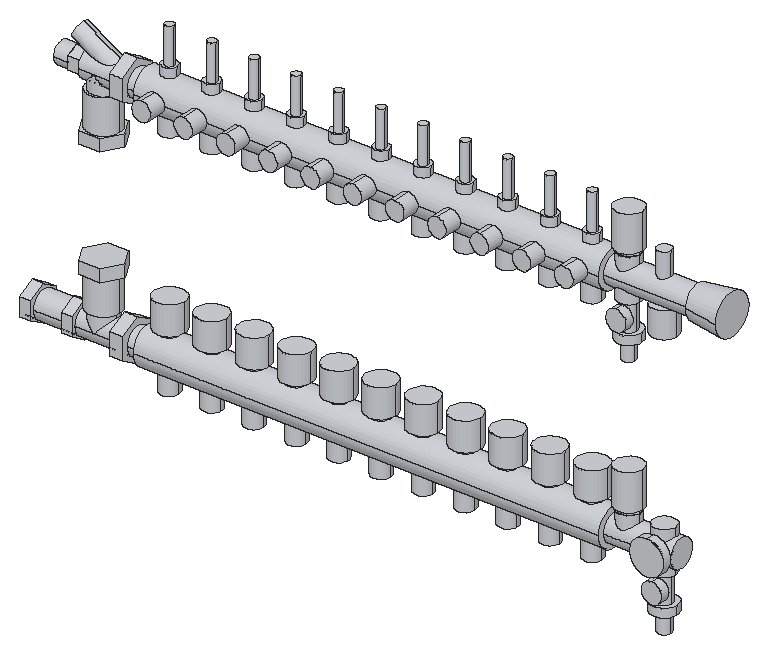
Revit family "318_1dab38ccfa9a4ba2b3cf6a35155c11", category Pipe Accessories, Revit 2017
Family settings
  Round Connector Dimension = Use Diameter
  Part Type = Valve - Normal
  Work Plane-Based = No
  Always vertical = Yes
  Cut with Voids When Loaded = No
  Shared = No
Parameters (values of type "R557FY011")
  magi_piping_qv_2_9 [instance] = 0.0 L/s
  magi_piping_qv_2_8 [instance] = 0.0 L/s
  magi_piping_qv_2_7 [instance] = 0.0 L/s
  magi_piping_qv_2_6 [instance] = 0.0 L/s
  magi_piping_qv_2_5 [instance] = 0.0 L/s
  magi_piping_qv_2_4 [instance] = 0.0 L/s
  magi_piping_qv_2_3 [instance] = 0.0 L/s
  magi_piping_qv_2_2 [instance] = 0.0 L/s
  magi_piping_qv_2_11 [instance] = 0.0 L/s
  magi_piping_qv_2_10 [instance] = 0.0 L/s
  magi_piping_qv_2_1 [instance] = 0.0 L/s
  magi_piping_qv_1_9 [instance] = 0.0 L/s
  magi_piping_qv_1_8 [instance] = 0.0 L/s
  magi_piping_qv_1_7 [instance] = 0.0 L/s
  magi_piping_qv_1_6 [instance] = 0.0 L/s
  magi_piping_qv_1_5 [instance] = 0.0 L/s
  magi_piping_qv_1_4 [instance] = 0.0 L/s
  magi_piping_qv_1_3 [instance] = 0.0 L/s
  magi_piping_qv_1_2 [instance] = 0.0 L/s
  magi_piping_qv_1_11 [instance] = 0.0 L/s
  magi_piping_qv_1_10 [instance] = 0.0 L/s
  magi_piping_qv_1_1 [instance] = 0.0 L/s
  magi_piping_qv [instance] = 0.0 L/s
  magi_piping_power_9 [instance] = 0 W
  magi_piping_power_8 [instance] = 0 W
  magi_piping_power_7 [instance] = 0 W
  magi_piping_power_6 [instance] = 0 W
  magi_piping_power_5 [instance] = 0 W
  magi_piping_power_4 [instance] = 0 W
  magi_piping_power_3 [instance] = 0 W
  magi_piping_power_2 [instance] = 0 W
  magi_piping_power_11 [instance] = 0 W
  magi_piping_power_10 [instance] = 0 W
  magi_piping_power_1 [instance] = 0 W
  magi_piping_kv_9 [instance] = 0
  magi_piping_kv_8 [instance] = 0
  magi_piping_kv_7 [instance] = 0
  magi_piping_kv_6 [instance] = 0
  magi_piping_kv_5 [instance] = 0
  magi_piping_kv_4 [instance] = 0
  magi_piping_kv_3 [instance] = 0
  magi_piping_kv_2 [instance] = 0
  magi_piping_kv_11 [instance] = 0
  magi_piping_kv_10 [instance] = 0
  magi_piping_kv_1 [instance] = 0
  magi_piping_dpTot_9 [instance] = 0.0 Pa
  magi_piping_dpTot_8 [instance] = 0.0 Pa
  magi_piping_dpTot_7 [instance] = 0.0 Pa
  magi_piping_dpTot_6 [instance] = 0.0 Pa
  magi_piping_dpTot_5 [instance] = 0.0 Pa
  magi_piping_dpTot_4 [instance] = 0.0 Pa
  magi_piping_dpTot_3 [instance] = 0.0 Pa
  magi_piping_dpTot_2 [instance] = 0.0 Pa
  magi_piping_dpTot_11 [instance] = 0.0 Pa
  magi_piping_dpTot_10 [instance] = 0.0 Pa
  magi_piping_dpTot_1 [instance] = 0.0 Pa
  magi_adjustmentValue_9 [instance] = ""
  magi_adjustmentValue_8 [instance] = ""
  magi_adjustmentValue_7 [instance] = ""
  magi_adjustmentValue_6 [instance] = ""
  magi_adjustmentValue_5 [instance] = ""
  magi_adjustmentValue_4 [instance] = ""
  magi_adjustmentValue_3 [instance] = ""
  magi_adjustmentValue_2 [instance] = ""
  magi_adjustmentValue_11 [instance] = ""
  magi_adjustmentValue_10 [instance] = ""
  magi_adjustmentValue_1 [instance] = ""
  magiProductId = "1dab38ccfa9a4ba2b3cf6a35155c11"
  magiProductFamilyId = "1dab38ccfa9a4ba2b3cf6a35155c11"
  magiProductCode = "R557FY011"
  magiPartTypeId = 318
  X1 = 127 mm
  VersionID = "2.0/2016.10.37.0/GIACOMINI_R557FY_001"
  VL2__ve = -VL2  # -137 mm
  VL2 = 137 mm
  VL1 = 102 mm
  URL = "http://www.giacomini.com/en"
  SMP = 25 mm
  SBP9 = 18 mm
  SBP8 = 18 mm
  SBP7 = 18 mm
  SBP6 = 18 mm
  SBP5 = 18 mm
  SBP4 = 18 mm
  SBP3 = 18 mm
  SBP2 = 18 mm
  SBP12 = 18 mm
  SBP11 = 18 mm
  SBP10 = 18 mm
  SBP1 = 18 mm
  RMP = 25 mm
  RBP9 = 18 mm
  RBP8 = 18 mm
  RBP7 = 18 mm
  RBP6 = 18 mm
  RBP5 = 18 mm
  RBP4 = 18 mm
  RBP3 = 18 mm
  RBP2 = 18 mm
  RBP12 = 18 mm
  RBP11 = 18 mm
  RBP10 = 18 mm
  RBP1 = 18 mm
  R2 = 22 mm
  QmdConnectorList = "321;SMP;322;SBP1;323;SBP2;324;SBP3;325;SBP4;326;SBP5;327;SBP6;328;SBP7;329;SBP8;330;SBP9;331;SBP10;332;SBP11;351;RMP;352;RBP1;353;RBP2;354;RBP3;355;RBP4;356;RBP5;357;RBP6;358;RBP7;359;RBP8;360;RBP9;361;RBP10;362;RBP11"
  Productdata [instance] = "© Progman Oy, all rights reserved"
  N9 = yes
  N8 = yes
  N7 = yes
  N6 = yes
  N5 = yes
  N4 = yes
  N3 = yes
  N12 = no
  N11 = yes
  N10 = yes
  Manufacturer = "Giacomini"
  MC_Default_elevation = 0 mm
  L = 550 mm
  I = 50 mm
  H5 = 33 mm
  H4 = 5 mm
  H3__ve = -H3  # -40 mm
  H3 = 40 mm
  H2__ve = -H2  # -20 mm
  H2 = 20 mm
  H12 = 42 mm
  H11 = 10 mm
  Flow supply main [instance] = Flow supply 1 + Flow supply 2 + Flow supply 3 + Flow supply 4 + Flow supply 5 + Flow supply 6 + Flow supply 7 + Flow supply 8 + Flow supply 9 + Flow supply 10 + Flow supply 11  # 0.0 L/s
  Flow supply 9 [instance] = 0.0 L/s
  Flow supply 8 [instance] = 0.0 L/s
  Flow supply 7 [instance] = 0.0 L/s
  Flow supply 6 [instance] = 0.0 L/s
  Flow supply 5 [instance] = 0.0 L/s
  Flow supply 4 [instance] = 0.0 L/s
  Flow supply 3 [instance] = 0.0 L/s
  Flow supply 2 [instance] = 0.0 L/s
  Flow supply 11 [instance] = 0.0 L/s
  Flow supply 10 [instance] = 0.0 L/s
  Flow supply 1 [instance] = 0.0 L/s
  Flow return main [instance] = Flow return 1 + Flow return 2 + Flow return 3 + Flow return 4 + Flow return 5 + Flow return 6 + Flow return 7 + Flow return 8 + Flow return 9 + Flow return 10 + Flow return 11  # 0.0 L/s
  Flow return 9 [instance] = 0.0 L/s
  Flow return 8 [instance] = 0.0 L/s
  Flow return 7 [instance] = 0.0 L/s
  Flow return 6 [instance] = 0.0 L/s
  Flow return 5 [instance] = 0.0 L/s
  Flow return 4 [instance] = 0.0 L/s
  Flow return 3 [instance] = 0.0 L/s
  Flow return 2 [instance] = 0.0 L/s
  Flow return 11 [instance] = 0.0 L/s
  Flow return 10 [instance] = 0.0 L/s
  Flow return 1 [instance] = 0.0 L/s
  E = 274 mm
  Description = "PREASSEMBLED MANIFOLD WITH FLOW METERS"
  D4 = 22 mm
  D32 = 10 mm
  D31 = 18 mm
  D2 = 44 mm
  CAT0 = yes
Reference planes
  plane 1 "Center (Front/Back)": y = 0
  plane 2 "XYPLANE": z = 0
  plane 3 "Center (Left/Right)": x = 0
  plane 4 "INIT_TEMP": y = 100
  plane 5 "386": y = -16
  plane 6 "385": z = -41
  plane 7 "384": z = -67
  plane 8 "383": z = -57
  plane 9 "382": y = -9
  plane 10 "381": z = -315
  plane 11 "380": z = -341
  plane 12 "379": z = -331
  plane 13 "378": z = -213
  plane 14 "377": z = -253
  plane 15 "376": z = -61
  plane 16 "375": z = -21
  plane 17 "374": x = 49
  plane 18 "373": x = 77
  plane 19 "372": x = 17
  plane 20 "371": x = 32
  plane 21 "370": x = -35
  plane 22 "369": x = 27
  plane 23 "368": x = 89
  plane 24 "367": x = -35
  plane 25 "366": x = 102
  plane 26 "365": z = -314
  plane 27 "364": z = -247
  plane 28 "363": z = -252
  plane 29 "362": z = -40
  plane 30 "361": x = 0
  plane 31 "360": y = 0
  plane 32 "359": z = -274
  plane 33 "358": z = 0
  plane 34 "357": z = 22
  plane 35 "356": x = 127
  plane 36 "355": x = 177
  plane 37 "354": y = -22
  plane 38 "353": x = 227
  plane 39 "352": z = 32
  plane 40 "351": x = 277
  plane 41 "350": x = 327
  plane 42 "349": x = 377
  plane 43 "348": x = 427
  plane 44 "347": x = 477
  plane 45 "346": x = 527
  plane 46 "345": x = 577
  plane 47 "344": x = 627
  plane 48 "343": x = 677
  plane 49 "342": x = 652
  plane 50 "341": x = 752
  plane 51 "340": x = 792
  plane 52 "339": x = 670
  plane 53 "338": z = -25
  plane 54 "337": z = 25
  plane 55 "336": z = 30
  plane 56 "335": z = -249
  plane 57 "334": z = -244
  plane 58 "333": z = -16
  plane 59 "332": x = 712
  plane 60 "331": z = -299
  plane 61 "1099": through (77, -750, 0) normal (0.866, 0, -0.5)
Forms (mm)
  Extrusion 1, solid
    sketch origin (750, -16, 0) x (-1, 0, 0) y (0, 0, 1)
      loop
        circle (38, -274) r 20
    from 0 to -10
  Extrusion 2, solid
    sketch origin (-750, 0, -67) x (1, 0, 0) y (0, 1, 0)
      loop
        circle (1420, 0) r 7.5
    from 0 to -22
  Extrusion 3, solid
    sketch origin (750, -9, 0) x (-1, 0, 0) y (0, 0, 1)
      loop
        circle (80, -41) r 12
    from 0 to -10
  Extrusion 4, solid
    sketch origin (750, -9, 0) x (-1, 0, 0) y (0, 0, 1)
      loop
        circle (38, -315) r 12
    from 0 to -10
  Extrusion 5, solid
    sketch origin (-750, 0, -341) x (1, 0, 0) y (0, 1, 0)
      loop
        circle (1462, 0) r 7.5
    from 0 to -22
  Extrusion 6, solid
    sketch origin (-750, 0, -57) x (1, 0, 0) y (0, 1, 0)
      loop
        circle (1420, 0) r 15
    from 0 to -10
  Extrusion 7, solid
    sketch origin (-750, 0, -331) x (1, 0, 0) y (0, 1, 0)
      loop
        circle (1462, 0) r 15
    from 0 to -10
  Extrusion 8, solid
    sketch origin (-750, 0, -299) x (1, 0, 0) y (0, 1, 0)
      loop
        circle (1462, 0) r 9
    from 0 to -32
  Extrusion 9, solid
    sketch origin (-750, 0, -253) x (1, 0, 0) y (0, 1, 0)
      loop
        circle (799, 0) r 19
    from 0 to 40
  Extrusion 10, solid
    sketch origin (-750, 0, -274) x (1, 0, 0) y (0, 1, 0)
      loop
        circle (799, 0) r 16
    from 0 to 21
  Extrusion 11, solid
    sketch origin (-750, 0, -213) x (1, 0, 0) y (0, 1, 0)
      loop
        line (824, 0) -> (811.5, 21.651) -> (786.5, 21.651) -> (774, 0) -> (786.5, -21.651) -> (811.5, -21.651) -> (824, 0)
    from 0 to 14
  Extrusion 12, solid
    sketch origin (-750, 0, -61) x (1, 0, 0) y (0, 1, 0)
      loop
        line (774, 0) -> (786.5, -21.651) -> (811.5, -21.651) -> (824, 0) -> (811.5, 21.651) -> (786.5, 21.651) -> (774, 0)
    from 0 to -14
  Extrusion 13, solid
    sketch origin (-750, 0, 0) x (1, 0, 0) y (0, 1, 0)
      loop
        circle (799, 0) r 16
    from 0 to -21
  Extrusion 14, solid
    sketch origin (-750, 0, -21) x (1, 0, 0) y (0, 1, 0)
      loop
        circle (799, 0) r 19
    from 0 to -40
  Extrusion 15, solid
    sketch origin (77, -750, 0) x (0, 1, 0) y (0.5, 0, 0.866025)
      loop
        circle (750, 0) r 10.5
    from 0 to -65
  Extrusion 16, solid, visible <- "CAT0"
    sketch origin (17, -750, 0) x (0, 1, 0) y (0, 0, 1)
      loop
        circle (750, 0) r 12.5
    from 0 to -17
  Extrusion 17, solid
    sketch origin (32, -750, 0) x (0, 1, 0) y (0, 0, 1)
      loop
        line (750, 15) -> (737.01, 7.5) -> (737.01, -7.5) -> (750, -15) -> (762.99, -7.5) -> (762.99, 7.5) -> (750, 15)
    from 0 to -15
  Extrusion 18, solid
    sketch origin (-35, -750, 0) x (0, 1, 0) y (0, 0, 1)
      loop
        line (750, -253) -> (731.813, -263.5) -> (731.813, -284.5) -> (750, -295) -> (768.187, -284.5) -> (768.187, -263.5) -> (750, -253)
    from 0 to 13
  Extrusion 19, solid
    sketch origin (27, -750, 0) x (0, 1, 0) y (0, 0, 1)
      loop
        line (750, -253) -> (731.813, -263.5) -> (731.813, -284.5) -> (750, -295) -> (768.187, -284.5) -> (768.187, -263.5) -> (750, -253)
    from 0 to -13
  Extrusion 20, solid
    sketch origin (102, -750, 0) x (0, 1, 0) y (0, 0, 1)
      loop
        circle (750, 0) r 16
    from 0 to -70
  Extrusion 21, solid
    sketch origin (89, -750, 0) x (0, 1, 0) y (0, 0, 1)
      loop
        line (750, 25) -> (728.349, 12.5) -> (728.349, -12.5) -> (750, -25) -> (771.651, -12.5) -> (771.651, 12.5) -> (750, 25)
    from 0 to -15
  Extrusion 22, solid
    sketch origin (89, -750, 0) x (0, 1, 0) y (0, 0, 1)
      loop
        line (750, -249) -> (728.349, -261.5) -> (728.349, -286.5) -> (750, -299) -> (771.651, -286.5) -> (771.651, -261.5) -> (750, -249)
    from 0 to -15
  Extrusion 23, solid
    sketch origin (102, -750, 0) x (0, 1, 0) y (0, 0, 1)
      loop
        circle (750, -274) r 16
    from 0 to -137 <- "VL2__ve"
  Extrusion 24, solid, visible <- "N10"
    sketch origin (-750, 0, -274) x (1, 0, 0) y (0, 1, 0)
      loop
        circle (1327, 0) r 11
    from 0 to -40 <- "H3__ve"
  Extrusion 25, solid, visible <- "N10"
    sketch origin (-750, 0, -252) x (1, 0, 0) y (0, 1, 0)
      loop
        circle (1327, 0) r 11
    from 0 to 5 <- "H4"
  Extrusion 26, solid, visible <- "N10"
    sketch origin (-750, 0, -247) x (1, 0, 0) y (0, 1, 0)
      loop
        circle (1327, 0) r 17.5
    from 0 to 33 <- "H5"
  Extrusion 27, solid, visible <- "N12"
    sketch origin (-750, 0, -247) x (1, 0, 0) y (0, 1, 0)
      loop
        circle (1427, 0) r 17.5
    from 0 to 33 <- "H5"
  Extrusion 28, solid, visible <- "N12"
    sketch origin (-750, 0, -252) x (1, 0, 0) y (0, 1, 0)
      loop
        circle (1427, 0) r 11
    from 0 to 5 <- "H4"
  Extrusion 29, solid, visible <- "N12"
    sketch origin (-750, 0, -274) x (1, 0, 0) y (0, 1, 0)
      loop
        circle (1427, 0) r 11
    from 0 to -40 <- "H3__ve"
  Extrusion 30, solid, visible <- "N11"
    sketch origin (-750, 0, -274) x (1, 0, 0) y (0, 1, 0)
      loop
        circle (1377, 0) r 11
    from 0 to -40 <- "H3__ve"
  Extrusion 31, solid, visible <- "N11"
    sketch origin (-750, 0, -252) x (1, 0, 0) y (0, 1, 0)
      loop
        circle (1377, 0) r 11
    from 0 to 5 <- "H4"
  Extrusion 32, solid, visible <- "N11"
    sketch origin (-750, 0, -247) x (1, 0, 0) y (0, 1, 0)
      loop
        circle (1377, 0) r 17.5
    from 0 to 33 <- "H5"
  Extrusion 33, solid, visible <- "N8"
    sketch origin (-750, 0, -247) x (1, 0, 0) y (0, 1, 0)
      loop
        circle (1227, 0) r 17.5
    from 0 to 33 <- "H5"
  Extrusion 34, solid, visible <- "N8"
    sketch origin (-750, 0, -252) x (1, 0, 0) y (0, 1, 0)
      loop
        circle (1227, 0) r 11
    from 0 to 5 <- "H4"
  Extrusion 35, solid, visible <- "N8"
    sketch origin (-750, 0, -274) x (1, 0, 0) y (0, 1, 0)
      loop
        circle (1227, 0) r 11
    from 0 to -40 <- "H3__ve"
  Extrusion 36, solid, visible <- "N9"
    sketch origin (-750, 0, -274) x (1, 0, 0) y (0, 1, 0)
      loop
        circle (1277, 0) r 11
    from 0 to -40 <- "H3__ve"
  Extrusion 37, solid, visible <- "N9"
    sketch origin (-750, 0, -252) x (1, 0, 0) y (0, 1, 0)
      loop
        circle (1277, 0) r 11
    from 0 to 5 <- "H4"
  Extrusion 38, solid, visible <- "N9"
    sketch origin (-750, 0, -247) x (1, 0, 0) y (0, 1, 0)
      loop
        circle (1277, 0) r 17.5
    from 0 to 33 <- "H5"
  Extrusion 39, solid, visible <- "N7"
    sketch origin (-750, 0, -247) x (1, 0, 0) y (0, 1, 0)
      loop
        circle (1177, 0) r 17.5
    from 0 to 33 <- "H5"
  Extrusion 40, solid, visible <- "N7"
    sketch origin (-750, 0, -252) x (1, 0, 0) y (0, 1, 0)
      loop
        circle (1177, 0) r 11
    from 0 to 5 <- "H4"
  Extrusion 41, solid, visible <- "N7"
    sketch origin (-750, 0, -274) x (1, 0, 0) y (0, 1, 0)
      loop
        circle (1177, 0) r 11
    from 0 to -40 <- "H3__ve"
  Extrusion 42, solid, visible <- "N6"
    sketch origin (-750, 0, -274) x (1, 0, 0) y (0, 1, 0)
      loop
        circle (1127, 0) r 11
    from 0 to -40 <- "H3__ve"
  Extrusion 43, solid, visible <- "N6"
    sketch origin (-750, 0, -252) x (1, 0, 0) y (0, 1, 0)
      loop
        circle (1127, 0) r 11
    from 0 to 5 <- "H4"
  Extrusion 44, solid, visible <- "N6"
    sketch origin (-750, 0, -247) x (1, 0, 0) y (0, 1, 0)
      loop
        circle (1127, 0) r 17.5
    from 0 to 33 <- "H5"
  Extrusion 45, solid, visible <- "N5"
    sketch origin (-750, 0, -247) x (1, 0, 0) y (0, 1, 0)
      loop
        circle (1077, 0) r 17.5
    from 0 to 33 <- "H5"
  Extrusion 46, solid, visible <- "N5"
    sketch origin (-750, 0, -252) x (1, 0, 0) y (0, 1, 0)
      loop
        circle (1077, 0) r 11
    from 0 to 5 <- "H4"
  Extrusion 47, solid, visible <- "N5"
    sketch origin (-750, 0, -274) x (1, 0, 0) y (0, 1, 0)
      loop
        circle (1077, 0) r 11
    from 0 to -40 <- "H3__ve"
  Extrusion 48, solid, visible <- "N4"
    sketch origin (-750, 0, -274) x (1, 0, 0) y (0, 1, 0)
      loop
        circle (1027, 0) r 11
    from 0 to -40 <- "H3__ve"
  Extrusion 49, solid, visible <- "N4"
    sketch origin (-750, 0, -252) x (1, 0, 0) y (0, 1, 0)
      loop
        circle (1027, 0) r 11
    from 0 to 5 <- "H4"
  Extrusion 50, solid, visible <- "N4"
    sketch origin (-750, 0, -247) x (1, 0, 0) y (0, 1, 0)
      loop
        circle (1027, 0) r 17.5
    from 0 to 33 <- "H5"
  Extrusion 51, solid, visible <- "N3"
    sketch origin (-750, 0, -247) x (1, 0, 0) y (0, 1, 0)
      loop
        circle (977, 0) r 17.5
    from 0 to 33 <- "H5"
  Extrusion 52, solid, visible <- "N3"
    sketch origin (-750, 0, -252) x (1, 0, 0) y (0, 1, 0)
      loop
        circle (977, 0) r 11
    from 0 to 5 <- "H4"
  Extrusion 53, solid
    sketch origin (-750, 0, -252) x (1, 0, 0) y (0, 1, 0)
      loop
        circle (927, 0) r 11
    from 0 to 5 <- "H4"
  Extrusion 54, solid
    sketch origin (-750, 0, -247) x (1, 0, 0) y (0, 1, 0)
      loop
        circle (927, 0) r 17.5
    from 0 to 33 <- "H5"
  Extrusion 55, solid
    sketch origin (-750, 0, -247) x (1, 0, 0) y (0, 1, 0)
      loop
        circle (877, 0) r 17.5
    from 0 to 33 <- "H5"
  Extrusion 56, solid
    sketch origin (-750, 0, -252) x (1, 0, 0) y (0, 1, 0)
      loop
        circle (877, 0) r 11
    from 0 to 5 <- "H4"
  Extrusion 57, solid, visible <- "N3"
    sketch origin (-750, 0, -274) x (1, 0, 0) y (0, 1, 0)
      loop
        circle (977, 0) r 11
    from 0 to -40 <- "H3__ve"
  Extrusion 58, solid
    sketch origin (-750, 0, -274) x (1, 0, 0) y (0, 1, 0)
      loop
        circle (877, 0) r 11
    from 0 to -40 <- "H3__ve"
  Extrusion 59, solid
    sketch origin (-750, 0, -274) x (1, 0, 0) y (0, 1, 0)
      loop
        circle (927, 0) r 11
    from 0 to -40 <- "H3__ve"
  Extrusion 60, solid
    sketch origin (102, -750, 0) x (0, 1, 0) y (0, 0, 1)
      loop
        circle (750, -274) r 22
    from 0 to 550 <- "L"
  Extrusion 61, solid, visible <- "N8"
    sketch origin (-750, 0, 0) x (1, 0, 0) y (0, 1, 0)
      loop
        circle (1227, 0) r 11
    from 0 to -40 <- "H3__ve"
  Extrusion 62, solid, visible <- "N9"
    sketch origin (-750, 0, 0) x (1, 0, 0) y (0, 1, 0)
      loop
        circle (1277, 0) r 11
    from 0 to -40 <- "H3__ve"
  Extrusion 63, solid, visible <- "N10"
    sketch origin (-750, 0, 0) x (1, 0, 0) y (0, 1, 0)
      loop
        circle (1327, 0) r 11
    from 0 to -40 <- "H3__ve"
  Extrusion 64, solid, visible <- "N11"
    sketch origin (-750, 0, 0) x (1, 0, 0) y (0, 1, 0)
      loop
        circle (1377, 0) r 11
    from 0 to -40 <- "H3__ve"
  Extrusion 65, solid, visible <- "N12"
    sketch origin (-750, 0, 0) x (1, 0, 0) y (0, 1, 0)
      loop
        circle (1427, 0) r 11
    from 0 to -40 <- "H3__ve"
  Extrusion 66, solid, visible <- "N7"
    sketch origin (-750, 0, 0) x (1, 0, 0) y (0, 1, 0)
      loop
        circle (1177, 0) r 11
    from 0 to -40 <- "H3__ve"
  Extrusion 67, solid, visible <- "N6"
    sketch origin (-750, 0, 0) x (1, 0, 0) y (0, 1, 0)
      loop
        circle (1127, 0) r 11
    from 0 to -40 <- "H3__ve"
  Extrusion 68, solid, visible <- "N5"
    sketch origin (-750, 0, 0) x (1, 0, 0) y (0, 1, 0)
      loop
        circle (1077, 0) r 11
    from 0 to -40 <- "H3__ve"
  Extrusion 69, solid, visible <- "N4"
    sketch origin (-750, 0, 0) x (1, 0, 0) y (0, 1, 0)
      loop
        circle (1027, 0) r 11
    from 0 to -40 <- "H3__ve"
  Extrusion 70, solid, visible <- "N3"
    sketch origin (-750, 0, 0) x (1, 0, 0) y (0, 1, 0)
      loop
        circle (977, 0) r 11
    from 0 to -40 <- "H3__ve"
  Extrusion 71, solid
    sketch origin (-750, 0, 0) x (1, 0, 0) y (0, 1, 0)
      loop
        circle (927, 0) r 11
    from 0 to -40 <- "H3__ve"
  Extrusion 72, solid
    sketch origin (-750, 0, 0) x (1, 0, 0) y (0, 1, 0)
      loop
        circle (877, 0) r 11
    from 0 to -40 <- "H3__ve"
  Extrusion 73, solid
    sketch origin (102, -750, 0) x (0, 1, 0) y (0, 0, 1)
      loop
        circle (750, 0) r 22
    from 0 to 550 <- "L"
  Extrusion 74, solid
    sketch origin (-750, 0, 22) x (1, 0, 0) y (0, 1, 0)
      loop
        circle (877, 0) r 9
    from 0 to 10 <- "H11"
  Extrusion 75, solid
    sketch origin (750, -22, 0) x (-1, 0, 0) y (0, 0, 1)
      loop
        circle (623, 0) r 11
    from 0 to -20 <- "H2__ve"
  Extrusion 76, solid
    sketch origin (750, -22, 0) x (-1, 0, 0) y (0, 0, 1)
      loop
        circle (573, 0) r 11
    from 0 to -20 <- "H2__ve"
  Extrusion 77, solid, visible <- "N3"
    sketch origin (750, -22, 0) x (-1, 0, 0) y (0, 0, 1)
      loop
        circle (523, 0) r 11
    from 0 to -20 <- "H2__ve"
  Extrusion 78, solid
    sketch origin (-750, 0, 32) x (1, 0, 0) y (0, 1, 0)
      loop
        circle (877, 0) r 5
    from 0 to 42 <- "H12"
  Extrusion 79, solid
    sketch origin (-750, 0, 32) x (1, 0, 0) y (0, 1, 0)
      loop
        circle (927, 0) r 5
    from 0 to 42 <- "H12"
  Extrusion 80, solid
    sketch origin (-750, 0, 22) x (1, 0, 0) y (0, 1, 0)
      loop
        circle (927, 0) r 9
    from 0 to 10 <- "H11"
  Extrusion 81, solid, visible <- "N3"
    sketch origin (-750, 0, 22) x (1, 0, 0) y (0, 1, 0)
      loop
        circle (977, 0) r 9
    from 0 to 10 <- "H11"
  Extrusion 82, solid, visible <- "N3"
    sketch origin (-750, 0, 32) x (1, 0, 0) y (0, 1, 0)
      loop
        circle (977, 0) r 5
    from 0 to 42 <- "H12"
  Extrusion 83, solid, visible <- "N4"
    sketch origin (-750, 0, 32) x (1, 0, 0) y (0, 1, 0)
      loop
        circle (1027, 0) r 5
    from 0 to 42 <- "H12"
  Extrusion 84, solid, visible <- "N4"
    sketch origin (-750, 0, 22) x (1, 0, 0) y (0, 1, 0)
      loop
        circle (1027, 0) r 9
    from 0 to 10 <- "H11"
  Extrusion 85, solid, visible <- "N4"
    sketch origin (750, -22, 0) x (-1, 0, 0) y (0, 0, 1)
      loop
        circle (473, 0) r 11
    from 0 to -20 <- "H2__ve"
  Extrusion 86, solid, visible <- "N5"
    sketch origin (750, -22, 0) x (-1, 0, 0) y (0, 0, 1)
      loop
        circle (423, 0) r 11
    from 0 to -20 <- "H2__ve"
  Extrusion 87, solid, visible <- "N5"
    sketch origin (-750, 0, 22) x (1, 0, 0) y (0, 1, 0)
      loop
        circle (1077, 0) r 9
    from 0 to 10 <- "H11"
  Extrusion 88, solid, visible <- "N5"
    sketch origin (-750, 0, 32) x (1, 0, 0) y (0, 1, 0)
      loop
        circle (1077, 0) r 5
    from 0 to 42 <- "H12"
  Extrusion 89, solid, visible <- "N6"
    sketch origin (-750, 0, 32) x (1, 0, 0) y (0, 1, 0)
      loop
        circle (1127, 0) r 5
    from 0 to 42 <- "H12"
  Extrusion 90, solid, visible <- "N6"
    sketch origin (-750, 0, 22) x (1, 0, 0) y (0, 1, 0)
      loop
        circle (1127, 0) r 9
    from 0 to 10 <- "H11"
  Extrusion 91, solid, visible <- "N6"
    sketch origin (750, -22, 0) x (-1, 0, 0) y (0, 0, 1)
      loop
        circle (373, 0) r 11
    from 0 to -20 <- "H2__ve"
  Extrusion 92, solid, visible <- "N7"
    sketch origin (750, -22, 0) x (-1, 0, 0) y (0, 0, 1)
      loop
        circle (323, 0) r 11
    from 0 to -20 <- "H2__ve"
  Extrusion 93, solid, visible <- "N7"
    sketch origin (-750, 0, 22) x (1, 0, 0) y (0, 1, 0)
      loop
        circle (1177, 0) r 9
    from 0 to 10 <- "H11"
  Extrusion 94, solid, visible <- "N7"
    sketch origin (-750, 0, 32) x (1, 0, 0) y (0, 1, 0)
      loop
        circle (1177, 0) r 5
    from 0 to 42 <- "H12"
  Extrusion 95, solid, visible <- "N8"
    sketch origin (-750, 0, 32) x (1, 0, 0) y (0, 1, 0)
      loop
        circle (1227, 0) r 5
    from 0 to 42 <- "H12"
  Extrusion 96, solid, visible <- "N8"
    sketch origin (-750, 0, 22) x (1, 0, 0) y (0, 1, 0)
      loop
        circle (1227, 0) r 9
    from 0 to 10 <- "H11"
  Extrusion 97, solid, visible <- "N8"
    sketch origin (750, -22, 0) x (-1, 0, 0) y (0, 0, 1)
      loop
        circle (273, 0) r 11
    from 0 to -20 <- "H2__ve"
  Extrusion 98, solid, visible <- "N10"
    sketch origin (750, -22, 0) x (-1, 0, 0) y (0, 0, 1)
      loop
        circle (173, 0) r 11
    from 0 to -20 <- "H2__ve"
  Extrusion 99, solid, visible <- "N10"
    sketch origin (-750, 0, 22) x (1, 0, 0) y (0, 1, 0)
      loop
        circle (1327, 0) r 9
    from 0 to 10 <- "H11"
  Extrusion 100, solid, visible <- "N10"
    sketch origin (-750, 0, 32) x (1, 0, 0) y (0, 1, 0)
      loop
        circle (1327, 0) r 5
    from 0 to 42 <- "H12"
  Extrusion 101, solid, visible <- "N9"
    sketch origin (-750, 0, 32) x (1, 0, 0) y (0, 1, 0)
      loop
        circle (1277, 0) r 5
    from 0 to 42 <- "H12"
  Extrusion 102, solid, visible <- "N9"
    sketch origin (-750, 0, 22) x (1, 0, 0) y (0, 1, 0)
      loop
        circle (1277, 0) r 9
    from 0 to 10 <- "H11"
  Extrusion 103, solid, visible <- "N9"
    sketch origin (750, -22, 0) x (-1, 0, 0) y (0, 0, 1)
      loop
        circle (223, 0) r 11
    from 0 to -20 <- "H2__ve"
  Extrusion 104, solid, visible <- "N11"
    sketch origin (-750, 0, 32) x (1, 0, 0) y (0, 1, 0)
      loop
        circle (1377, 0) r 5
    from 0 to 42 <- "H12"
  Extrusion 105, solid, visible <- "N11"
    sketch origin (-750, 0, 22) x (1, 0, 0) y (0, 1, 0)
      loop
        circle (1377, 0) r 9
    from 0 to 10 <- "H11"
  Extrusion 106, solid, visible <- "N11"
    sketch origin (750, -22, 0) x (-1, 0, 0) y (0, 0, 1)
      loop
        circle (123, 0) r 11
    from 0 to -20 <- "H2__ve"
  Extrusion 107, solid, visible <- "N12"
    sketch origin (750, -22, 0) x (-1, 0, 0) y (0, 0, 1)
      loop
        circle (73, 0) r 11
    from 0 to -20 <- "H2__ve"
  Extrusion 108, solid, visible <- "N12"
    sketch origin (-750, 0, 22) x (1, 0, 0) y (0, 1, 0)
      loop
        circle (1427, 0) r 9
    from 0 to 10 <- "H11"
  Extrusion 109, solid, visible <- "N12"
    sketch origin (-750, 0, 32) x (1, 0, 0) y (0, 1, 0)
      loop
        circle (1427, 0) r 5
    from 0 to 42 <- "H12"
  Extrusion 110, solid
    sketch origin (652, -750, 0) x (0, 1, 0) y (0, 0, 1)
      loop
        circle (750, 0) r 16
    from 0 to 100
  Blend 111, solid
    base sketch origin (752, -750, 0) x (0, 1, 0) y (0, 0, 1)
      loop
        circle (750, 0) r 19
    top sketch origin (752, -750, 0) x (0, 1, 0) y (0, 0, 1)
      loop
        circle (750, 0) r 24
    from 0 to 40
  Extrusion 112, solid
    sketch origin (-750, 0, -25) x (1, 0, 0) y (0, 1, 0)
      loop
        circle (1420, 0) r 13
    from 0 to 50
  Extrusion 113, solid
    sketch origin (-750, 0, 25) x (1, 0, 0) y (0, 1, 0)
      loop
        line (1433, 0) -> (1426.5, 11.258) -> (1413.5, 11.258) -> (1407, 0) -> (1413.5, -11.258) -> (1426.5, -11.258) -> (1433, 0)
    from 0 to 5
  Extrusion 114, solid
    sketch origin (-750, 0, 30) x (1, 0, 0) y (0, 1, 0)
      loop
        circle (1420, 0) r 16
    from 0 to 42
  Extrusion 115, solid
    sketch origin (652, -750, 0) x (0, 1, 0) y (0, 0, 1)
      loop
        circle (750, -274) r 16
    from 0 to 80
  Extrusion 116, solid
    sketch origin (-750, 0, -274) x (1, 0, 0) y (0, 1, 0)
      loop
        circle (1420, 0) r 13
    from 0 to 25
  Extrusion 117, solid
    sketch origin (-750, 0, -244) x (1, 0, 0) y (0, 1, 0)
      loop
        circle (1420, 0) r 16
    from 0 to 42
  Extrusion 118, solid
    sketch origin (-750, 0, -249) x (1, 0, 0) y (0, 1, 0)
      loop
        line (1433, 0) -> (1426.5, 11.258) -> (1413.5, 11.258) -> (1407, 0) -> (1413.5, -11.258) -> (1426.5, -11.258) -> (1433, 0)
    from 0 to 5
  Extrusion 119, solid, visible <- "CAT0"
    sketch origin (-750, 0, -16) x (1, 0, 0) y (0, 1, 0)
      loop
        circle (1462, 0) r 15
    from 0 to -30
  Extrusion 120, solid, visible <- "CAT0"
    sketch origin (-750, 0, 0) x (1, 0, 0) y (0, 1, 0)
      loop
        circle (1462, 0) r 8
    from 0 to 42
  Extrusion 121, solid
    sketch origin (-750, 0, -25) x (1, 0, 0) y (0, 1, 0)
      loop
        circle (1420, 0) r 9
    from 0 to -32
  Extrusion 122, solid
    sketch origin (-750, 0, -299) x (1, 0, 0) y (0, 1, 0)
      loop
        circle (1462, 0) r 13
    from 0 to 50
  Extrusion 123, solid, not visible
    sketch origin (-750, 0, -314) x (1, 0, 0) y (0, 1, 0)
      loop
        circle (1327, 0) r 10
    from 0 to 10
  Extrusion 124, solid, not visible
    sketch origin (-750, 0, -314) x (1, 0, 0) y (0, 1, 0)
      loop
        circle (1377, 0) r 10
    from 0 to 10
  Extrusion 125, solid, not visible
    sketch origin (-750, 0, -314) x (1, 0, 0) y (0, 1, 0)
      loop
        circle (1227, 0) r 10
    from 0 to 10
  Extrusion 126, solid, not visible
    sketch origin (-750, 0, -314) x (1, 0, 0) y (0, 1, 0)
      loop
        circle (1277, 0) r 10
    from 0 to 10
  Extrusion 127, solid, not visible
    sketch origin (-750, 0, -314) x (1, 0, 0) y (0, 1, 0)
      loop
        circle (1177, 0) r 10
    from 0 to 10
  Extrusion 128, solid, not visible
    sketch origin (-750, 0, -314) x (1, 0, 0) y (0, 1, 0)
      loop
        circle (1127, 0) r 10
    from 0 to 10
  Extrusion 129, solid, not visible
    sketch origin (-750, 0, -314) x (1, 0, 0) y (0, 1, 0)
      loop
        circle (1077, 0) r 10
    from 0 to 10
  Extrusion 130, solid, not visible
    sketch origin (-750, 0, -314) x (1, 0, 0) y (0, 1, 0)
      loop
        circle (1027, 0) r 10
    from 0 to 10
  Extrusion 131, solid, not visible
    sketch origin (-750, 0, -314) x (1, 0, 0) y (0, 1, 0)
      loop
        circle (927, 0) r 10
    from 0 to 10
  Extrusion 132, solid, not visible
    sketch origin (-750, 0, -314) x (1, 0, 0) y (0, 1, 0)
      loop
        circle (877, 0) r 10
    from 0 to 10
  Extrusion 133, solid, not visible
    sketch origin (-750, 0, -314) x (1, 0, 0) y (0, 1, 0)
      loop
        circle (977, 0) r 10
    from 0 to 10
  Extrusion 134, solid, not visible
    sketch origin (-750, 0, -40) x (1, 0, 0) y (0, 1, 0)
      loop
        circle (1227, 0) r 10
    from 0 to 10
  Extrusion 135, solid, not visible
    sketch origin (-750, 0, -40) x (1, 0, 0) y (0, 1, 0)
      loop
        circle (1277, 0) r 10
    from 0 to 10
  Extrusion 136, solid, not visible
    sketch origin (-750, 0, -40) x (1, 0, 0) y (0, 1, 0)
      loop
        circle (1327, 0) r 10
    from 0 to 10
  Extrusion 137, solid, not visible
    sketch origin (-750, 0, -40) x (1, 0, 0) y (0, 1, 0)
      loop
        circle (1377, 0) r 10
    from 0 to 10
  Extrusion 138, solid, not visible
    sketch origin (-750, 0, -40) x (1, 0, 0) y (0, 1, 0)
      loop
        circle (1177, 0) r 10
    from 0 to 10
  Extrusion 139, solid, not visible
    sketch origin (-750, 0, -40) x (1, 0, 0) y (0, 1, 0)
      loop
        circle (1127, 0) r 10
    from 0 to 10
  Extrusion 140, solid, not visible
    sketch origin (-750, 0, -40) x (1, 0, 0) y (0, 1, 0)
      loop
        circle (1077, 0) r 10
    from 0 to 10
  Extrusion 141, solid, not visible
    sketch origin (-750, 0, -40) x (1, 0, 0) y (0, 1, 0)
      loop
        circle (1027, 0) r 10
    from 0 to 10
  Extrusion 142, solid, not visible
    sketch origin (-750, 0, -40) x (1, 0, 0) y (0, 1, 0)
      loop
        circle (977, 0) r 10
    from 0 to 10
  Extrusion 143, solid, not visible
    sketch origin (0, -750, 0) x (0, 1, 0) y (0, 0, 1)
      loop
        circle (750, 0) r 10
    from 0 to 10
  Extrusion 144, solid, not visible
    sketch origin (-35, -750, 0) x (0, 1, 0) y (0, 0, 1)
      loop
        circle (750, -274) r 10
    from 0 to 10
  Extrusion 145, solid, not visible
    sketch origin (-750, 0, -40) x (1, 0, 0) y (0, 1, 0)
      loop
        circle (877, 0) r 10
    from 0 to 10
  Extrusion 146, solid, not visible
    sketch origin (-750, 0, -40) x (1, 0, 0) y (0, 1, 0)
      loop
        circle (927, 0) r 10
    from 0 to 10
Text (mm)
  text "© Progman Oy, all rights reserved" at (-472.209, -2482.653, 0), in view "Ref. Level"
Dimensions and locks
  plane 4 "INIT_TEMP" to plane 1 "Center (Front/Back)" = 100 mm
  locked: plane 1 "Center (Front/Back)" to plane 5 "386" at 16
  locked: plane 53 "338" to plane 6 "385" at 16
  locked: plane 8 "383" to plane 7 "384" at 10
  locked: plane 53 "338" to plane 8 "383" at 32
  locked: plane 1 "Center (Front/Back)" to plane 9 "382" at 9
  locked: plane 60 "331" to plane 10 "381" at 16
  locked: plane 12 "379" to plane 11 "380" at 10
  locked: plane 60 "331" to plane 12 "379" at 32
  locked: plane 14 "377" to plane 13 "378" at 40
  locked: plane 32 "359" to plane 14 "377" at 21
  locked: plane 16 "375" to plane 15 "376" at 40
  locked: plane 2 "XYPLANE" to plane 16 "375" at 21
  locked: plane 25 "366" to plane 17 "374" at 53
  locked: plane 25 "366" to plane 18 "373" at 25
  locked: plane 20 "371" to plane 19 "372" at 15
  locked: plane 25 "366" to plane 20 "371" at 70
  "VL2": plane 25 "366" to plane 21 "370"
  locked: plane 23 "368" to plane 22 "369" at 62
  locked: plane 25 "366" to plane 23 "368" at 13
  "VL2": plane 25 "366" to plane 24 "367"
  "VL1": plane 3 "Center (Left/Right)" to plane 25 "366"
  "H3": plane 32 "359" to plane 26 "365"
  "H4": plane 28 "363" to plane 27 "364"
  "R2": plane 32 "359" to plane 28 "363"
  "H3": plane 2 "XYPLANE" to plane 29 "362"
  locked: plane 3 "Center (Left/Right)" to plane 30 "361"
  locked: plane 1 "Center (Front/Back)" to plane 31 "360"
  "E": plane 2 "XYPLANE" to plane 32 "359"
  locked: plane 2 "XYPLANE" to plane 33 "358"
  "R2": plane 2 "XYPLANE" to plane 34 "357"
  "X1": plane 3 "Center (Left/Right)" to plane 35 "356"
  "I": plane 35 "356" to plane 36 "355"
  "R2": plane 1 "Center (Front/Back)" to plane 37 "354"
  "I": plane 36 "355" to plane 38 "353"
  "H11": plane 34 "357" to plane 39 "352"
  "I": plane 38 "353" to plane 40 "351"
  "I": plane 40 "351" to plane 41 "350"
  "I": plane 41 "350" to plane 42 "349"
  "I": plane 42 "349" to plane 43 "348"
  "I": plane 43 "348" to plane 44 "347"
  "I": plane 44 "347" to plane 45 "346"
  "I": plane 45 "346" to plane 46 "345"
  "I": plane 46 "345" to plane 47 "344"
  "I": plane 47 "344" to plane 48 "343"
  "L": plane 25 "366" to plane 49 "342"
  locked: plane 49 "342" to plane 50 "341" at 100
  locked: plane 50 "341" to plane 51 "340" at 40
  locked: plane 49 "342" to plane 52 "339" at 18
  locked: plane 2 "XYPLANE" to plane 53 "338" at 25
  locked: plane 53 "338" to plane 54 "337" at 50
  locked: plane 54 "337" to plane 55 "336" at 5
  locked: plane 32 "359" to plane 56 "335" at 25
  locked: plane 56 "335" to plane 57 "334" at 5
  locked: plane 2 "XYPLANE" to plane 58 "333" at 16
  locked: plane 49 "342" to plane 59 "332" at 60
  locked: plane 32 "359" to plane 60 "331" at 25
  "D4": diameter of Extrusion 24 sketch curve
  "D4": diameter of Extrusion 25 sketch curve
  diameter of Extrusion 26 sketch curve = 35 mm
  diameter of Extrusion 27 sketch curve = 35 mm
  "D4": diameter of Extrusion 28 sketch curve
  "D4": diameter of Extrusion 29 sketch curve
  "D4": diameter of Extrusion 30 sketch curve
  "D4": diameter of Extrusion 31 sketch curve
  diameter of Extrusion 32 sketch curve = 35 mm
  diameter of Extrusion 33 sketch curve = 35 mm
  "D4": diameter of Extrusion 34 sketch curve
  "D4": diameter of Extrusion 35 sketch curve
  "D4": diameter of Extrusion 36 sketch curve
  "D4": diameter of Extrusion 37 sketch curve
  diameter of Extrusion 38 sketch curve = 35 mm
  diameter of Extrusion 39 sketch curve = 35 mm
  "D4": diameter of Extrusion 40 sketch curve
  "D4": diameter of Extrusion 41 sketch curve
  "D4": diameter of Extrusion 42 sketch curve
  "D4": diameter of Extrusion 43 sketch curve
  diameter of Extrusion 44 sketch curve = 35 mm
  diameter of Extrusion 45 sketch curve = 35 mm
  "D4": diameter of Extrusion 46 sketch curve
  "D4": diameter of Extrusion 47 sketch curve
  "D4": diameter of Extrusion 48 sketch curve
  "D4": diameter of Extrusion 49 sketch curve
  diameter of Extrusion 50 sketch curve = 35 mm
  diameter of Extrusion 51 sketch curve = 35 mm
  "D4": diameter of Extrusion 52 sketch curve
  "D4": diameter of Extrusion 53 sketch curve
  diameter of Extrusion 54 sketch curve = 35 mm
  diameter of Extrusion 55 sketch curve = 35 mm
  "D4": diameter of Extrusion 56 sketch curve
  "D4": diameter of Extrusion 57 sketch curve
  "D4": diameter of Extrusion 58 sketch curve
  "D4": diameter of Extrusion 59 sketch curve
  "D2": diameter of Extrusion 60 sketch curve
  "D4": diameter of Extrusion 61 sketch curve
  "D4": diameter of Extrusion 62 sketch curve
  "D4": diameter of Extrusion 63 sketch curve
  "D4": diameter of Extrusion 64 sketch curve
  "D4": diameter of Extrusion 65 sketch curve
  "D4": diameter of Extrusion 66 sketch curve
  "D4": diameter of Extrusion 67 sketch curve
  "D4": diameter of Extrusion 68 sketch curve
  "D4": diameter of Extrusion 69 sketch curve
  "D4": diameter of Extrusion 70 sketch curve
  "D4": diameter of Extrusion 71 sketch curve
  "D4": diameter of Extrusion 72 sketch curve
  "D2": diameter of Extrusion 73 sketch curve
  "D31": diameter of Extrusion 74 sketch curve
  "D4": diameter of Extrusion 75 sketch curve
  "D4": diameter of Extrusion 76 sketch curve
  "D4": diameter of Extrusion 77 sketch curve
  "D32": diameter of Extrusion 78 sketch curve
  "D32": diameter of Extrusion 79 sketch curve
  "D31": diameter of Extrusion 80 sketch curve
  "D31": diameter of Extrusion 81 sketch curve
  "D32": diameter of Extrusion 82 sketch curve
  "D32": diameter of Extrusion 83 sketch curve
  "D31": diameter of Extrusion 84 sketch curve
  "D4": diameter of Extrusion 85 sketch curve
  "D4": diameter of Extrusion 86 sketch curve
  "D31": diameter of Extrusion 87 sketch curve
  "D32": diameter of Extrusion 88 sketch curve
  "D32": diameter of Extrusion 89 sketch curve
  "D31": diameter of Extrusion 90 sketch curve
  "D4": diameter of Extrusion 91 sketch curve
  "D4": diameter of Extrusion 92 sketch curve
  "D31": diameter of Extrusion 93 sketch curve
  "D32": diameter of Extrusion 94 sketch curve
  "D32": diameter of Extrusion 95 sketch curve
  "D31": diameter of Extrusion 96 sketch curve
  "D4": diameter of Extrusion 97 sketch curve
  "D4": diameter of Extrusion 98 sketch curve
  "D31": diameter of Extrusion 99 sketch curve
  "D32": diameter of Extrusion 100 sketch curve
  "D32": diameter of Extrusion 101 sketch curve
  "D31": diameter of Extrusion 102 sketch curve
  "D4": diameter of Extrusion 103 sketch curve
  "D32": diameter of Extrusion 104 sketch curve
  "D31": diameter of Extrusion 105 sketch curve
  "D4": diameter of Extrusion 106 sketch curve
  "D4": diameter of Extrusion 107 sketch curve
  "D31": diameter of Extrusion 108 sketch curve
  "D32": diameter of Extrusion 109 sketch curve
  aligned and locked: level to plane 2 "XYPLANE"
  aligned and locked: plane 32 "359" to Extrusion 1 sketch curve
  aligned and locked: plane 59 "332" to Extrusion 1 sketch curve
  aligned and locked: plane 31 "360" to Extrusion 2 sketch curve
  aligned and locked: plane 52 "339" to Extrusion 2 sketch curve
  aligned and locked: plane 6 "385" to Extrusion 3 sketch curve
  aligned and locked: plane 52 "339" to Extrusion 3 sketch curve
  aligned and locked: plane 10 "381" to Extrusion 4 sketch curve
  aligned and locked: plane 59 "332" to Extrusion 4 sketch curve
  aligned and locked: plane 31 "360" to Extrusion 5 sketch curve
  aligned and locked: plane 59 "332" to Extrusion 5 sketch curve
  aligned and locked: plane 31 "360" to Extrusion 6 sketch curve
  aligned and locked: plane 52 "339" to Extrusion 6 sketch curve
  aligned and locked: plane 31 "360" to Extrusion 7 sketch curve
  aligned and locked: plane 59 "332" to Extrusion 7 sketch curve
  aligned and locked: plane 31 "360" to Extrusion 8 sketch curve
  aligned and locked: plane 59 "332" to Extrusion 8 sketch curve
  aligned and locked: plane 17 "374" to Extrusion 9 sketch curve
  aligned and locked: plane 31 "360" to Extrusion 9 sketch curve
  aligned and locked: plane 17 "374" to Extrusion 10 sketch curve
  aligned and locked: plane 31 "360" to Extrusion 10 sketch curve
  aligned and locked: plane 17 "374" to Extrusion 13 sketch curve
  aligned and locked: plane 31 "360" to Extrusion 13 sketch curve
  aligned and locked: plane 17 "374" to Extrusion 14 sketch curve
  aligned and locked: plane 31 "360" to Extrusion 14 sketch curve
  aligned and locked: plane 31 "360" to Extrusion 15 sketch curve
  aligned and locked: Extrusion 16 sketch curve to plane 31 "360"
  aligned and locked: plane 33 "358" to Extrusion 16 sketch curve
  aligned and locked: Extrusion 20 sketch curve to plane 31 "360"
  aligned and locked: plane 33 "358" to Extrusion 20 sketch curve
  aligned and locked: Extrusion 23 sketch curve to plane 31 "360"
  aligned and locked: plane 32 "359" to Extrusion 23 sketch curve
  aligned and locked: plane 31 "360" to Extrusion 24 sketch curve
  aligned and locked: plane 46 "345" to Extrusion 24 sketch curve
  aligned and locked: plane 31 "360" to Extrusion 25 sketch curve
  aligned and locked: plane 46 "345" to Extrusion 25 sketch curve
  aligned and locked: plane 31 "360" to Extrusion 26 sketch curve
  aligned and locked: plane 46 "345" to Extrusion 26 sketch curve
  aligned and locked: plane 31 "360" to Extrusion 27 sketch curve
  aligned and locked: plane 48 "343" to Extrusion 27 sketch curve
  aligned and locked: plane 31 "360" to Extrusion 28 sketch curve
  aligned and locked: plane 48 "343" to Extrusion 28 sketch curve
  aligned and locked: plane 31 "360" to Extrusion 29 sketch curve
  aligned and locked: plane 48 "343" to Extrusion 29 sketch curve
  aligned and locked: plane 31 "360" to Extrusion 30 sketch curve
  aligned and locked: plane 47 "344" to Extrusion 30 sketch curve
  aligned and locked: plane 31 "360" to Extrusion 31 sketch curve
  aligned and locked: plane 47 "344" to Extrusion 31 sketch curve
  aligned and locked: plane 31 "360" to Extrusion 32 sketch curve
  aligned and locked: plane 47 "344" to Extrusion 32 sketch curve
  aligned and locked: plane 31 "360" to Extrusion 33 sketch curve
  aligned and locked: plane 44 "347" to Extrusion 33 sketch curve
  aligned and locked: plane 31 "360" to Extrusion 34 sketch curve
  aligned and locked: plane 44 "347" to Extrusion 34 sketch curve
  aligned and locked: plane 31 "360" to Extrusion 35 sketch curve
  aligned and locked: plane 44 "347" to Extrusion 35 sketch curve
  aligned and locked: plane 31 "360" to Extrusion 36 sketch curve
  aligned and locked: plane 45 "346" to Extrusion 36 sketch curve
  aligned and locked: plane 31 "360" to Extrusion 37 sketch curve
  aligned and locked: plane 45 "346" to Extrusion 37 sketch curve
  aligned and locked: plane 31 "360" to Extrusion 38 sketch curve
  aligned and locked: plane 45 "346" to Extrusion 38 sketch curve
  aligned and locked: plane 31 "360" to Extrusion 39 sketch curve
  aligned and locked: plane 43 "348" to Extrusion 39 sketch curve
  aligned and locked: plane 31 "360" to Extrusion 40 sketch curve
  aligned and locked: plane 43 "348" to Extrusion 40 sketch curve
  aligned and locked: plane 31 "360" to Extrusion 41 sketch curve
  aligned and locked: plane 43 "348" to Extrusion 41 sketch curve
  aligned and locked: plane 31 "360" to Extrusion 42 sketch curve
  aligned and locked: plane 42 "349" to Extrusion 42 sketch curve
  aligned and locked: plane 31 "360" to Extrusion 43 sketch curve
  aligned and locked: plane 42 "349" to Extrusion 43 sketch curve
  aligned and locked: plane 31 "360" to Extrusion 44 sketch curve
  aligned and locked: plane 42 "349" to Extrusion 44 sketch curve
  aligned and locked: plane 31 "360" to Extrusion 45 sketch curve
  aligned and locked: plane 41 "350" to Extrusion 45 sketch curve
  aligned and locked: plane 31 "360" to Extrusion 46 sketch curve
  aligned and locked: plane 41 "350" to Extrusion 46 sketch curve
  aligned and locked: plane 31 "360" to Extrusion 47 sketch curve
  aligned and locked: plane 41 "350" to Extrusion 47 sketch curve
  aligned and locked: plane 31 "360" to Extrusion 48 sketch curve
  aligned and locked: plane 40 "351" to Extrusion 48 sketch curve
  aligned and locked: plane 31 "360" to Extrusion 49 sketch curve
  aligned and locked: plane 40 "351" to Extrusion 49 sketch curve
  aligned and locked: plane 31 "360" to Extrusion 50 sketch curve
  aligned and locked: plane 40 "351" to Extrusion 50 sketch curve
  aligned and locked: plane 31 "360" to Extrusion 51 sketch curve
  aligned and locked: plane 38 "353" to Extrusion 51 sketch curve
  aligned and locked: plane 31 "360" to Extrusion 52 sketch curve
  aligned and locked: plane 38 "353" to Extrusion 52 sketch curve
  aligned and locked: plane 31 "360" to Extrusion 53 sketch curve
  aligned and locked: plane 36 "355" to Extrusion 53 sketch curve
  aligned and locked: plane 31 "360" to Extrusion 54 sketch curve
  aligned and locked: plane 36 "355" to Extrusion 54 sketch curve
  aligned and locked: plane 31 "360" to Extrusion 55 sketch curve
  aligned and locked: plane 35 "356" to Extrusion 55 sketch curve
  aligned and locked: plane 31 "360" to Extrusion 56 sketch curve
  aligned and locked: plane 35 "356" to Extrusion 56 sketch curve
  aligned and locked: plane 31 "360" to Extrusion 57 sketch curve
  aligned and locked: plane 38 "353" to Extrusion 57 sketch curve
  aligned and locked: plane 31 "360" to Extrusion 58 sketch curve
  aligned and locked: plane 35 "356" to Extrusion 58 sketch curve
  aligned and locked: plane 31 "360" to Extrusion 59 sketch curve
  aligned and locked: plane 36 "355" to Extrusion 59 sketch curve
  aligned and locked: Extrusion 60 sketch curve to plane 31 "360"
  aligned and locked: plane 32 "359" to Extrusion 60 sketch curve
  aligned and locked: plane 31 "360" to Extrusion 61 sketch curve
  aligned and locked: plane 44 "347" to Extrusion 61 sketch curve
  aligned and locked: plane 31 "360" to Extrusion 62 sketch curve
  aligned and locked: plane 45 "346" to Extrusion 62 sketch curve
  aligned and locked: plane 31 "360" to Extrusion 63 sketch curve
  aligned and locked: plane 46 "345" to Extrusion 63 sketch curve
  aligned and locked: plane 31 "360" to Extrusion 64 sketch curve
  aligned and locked: plane 47 "344" to Extrusion 64 sketch curve
  aligned and locked: plane 31 "360" to Extrusion 65 sketch curve
  aligned and locked: plane 48 "343" to Extrusion 65 sketch curve
  aligned and locked: plane 31 "360" to Extrusion 66 sketch curve
  aligned and locked: plane 43 "348" to Extrusion 66 sketch curve
  aligned and locked: plane 31 "360" to Extrusion 67 sketch curve
  aligned and locked: plane 42 "349" to Extrusion 67 sketch curve
  aligned and locked: plane 31 "360" to Extrusion 68 sketch curve
  aligned and locked: plane 41 "350" to Extrusion 68 sketch curve
  aligned and locked: plane 31 "360" to Extrusion 69 sketch curve
  aligned and locked: plane 40 "351" to Extrusion 69 sketch curve
  aligned and locked: plane 31 "360" to Extrusion 70 sketch curve
  aligned and locked: plane 38 "353" to Extrusion 70 sketch curve
  aligned and locked: plane 31 "360" to Extrusion 71 sketch curve
  aligned and locked: plane 36 "355" to Extrusion 71 sketch curve
  aligned and locked: plane 31 "360" to Extrusion 72 sketch curve
  aligned and locked: plane 35 "356" to Extrusion 72 sketch curve
  aligned and locked: Extrusion 73 sketch curve to plane 31 "360"
  aligned and locked: plane 33 "358" to Extrusion 73 sketch curve
  aligned and locked: plane 31 "360" to Extrusion 74 sketch curve
  aligned and locked: plane 35 "356" to Extrusion 74 sketch curve
  aligned and locked: plane 33 "358" to Extrusion 75 sketch curve
  aligned and locked: plane 35 "356" to Extrusion 75 sketch curve
  aligned and locked: plane 33 "358" to Extrusion 76 sketch curve
  aligned and locked: plane 36 "355" to Extrusion 76 sketch curve
  aligned and locked: plane 33 "358" to Extrusion 77 sketch curve
  aligned and locked: plane 38 "353" to Extrusion 77 sketch curve
  aligned and locked: plane 31 "360" to Extrusion 78 sketch curve
  aligned and locked: plane 35 "356" to Extrusion 78 sketch curve
  aligned and locked: plane 31 "360" to Extrusion 79 sketch curve
  aligned and locked: plane 36 "355" to Extrusion 79 sketch curve
  aligned and locked: plane 31 "360" to Extrusion 80 sketch curve
  aligned and locked: plane 36 "355" to Extrusion 80 sketch curve
  aligned and locked: plane 31 "360" to Extrusion 81 sketch curve
  aligned and locked: plane 38 "353" to Extrusion 81 sketch curve
  aligned and locked: plane 31 "360" to Extrusion 82 sketch curve
  aligned and locked: plane 38 "353" to Extrusion 82 sketch curve
  aligned and locked: plane 31 "360" to Extrusion 83 sketch curve
  aligned and locked: plane 40 "351" to Extrusion 83 sketch curve
  aligned and locked: plane 31 "360" to Extrusion 84 sketch curve
  aligned and locked: plane 40 "351" to Extrusion 84 sketch curve
  aligned and locked: plane 33 "358" to Extrusion 85 sketch curve
  aligned and locked: plane 40 "351" to Extrusion 85 sketch curve
  aligned and locked: plane 33 "358" to Extrusion 86 sketch curve
  aligned and locked: plane 41 "350" to Extrusion 86 sketch curve
  aligned and locked: plane 31 "360" to Extrusion 87 sketch curve
  aligned and locked: plane 41 "350" to Extrusion 87 sketch curve
  aligned and locked: plane 31 "360" to Extrusion 88 sketch curve
  aligned and locked: plane 41 "350" to Extrusion 88 sketch curve
  aligned and locked: plane 31 "360" to Extrusion 89 sketch curve
  aligned and locked: plane 42 "349" to Extrusion 89 sketch curve
  aligned and locked: plane 31 "360" to Extrusion 90 sketch curve
  aligned and locked: plane 42 "349" to Extrusion 90 sketch curve
  aligned and locked: plane 33 "358" to Extrusion 91 sketch curve
  aligned and locked: plane 42 "349" to Extrusion 91 sketch curve
  aligned and locked: plane 33 "358" to Extrusion 92 sketch curve
  aligned and locked: plane 43 "348" to Extrusion 92 sketch curve
  aligned and locked: plane 31 "360" to Extrusion 93 sketch curve
  aligned and locked: plane 43 "348" to Extrusion 93 sketch curve
  aligned and locked: plane 31 "360" to Extrusion 94 sketch curve
  aligned and locked: plane 43 "348" to Extrusion 94 sketch curve
  aligned and locked: plane 31 "360" to Extrusion 95 sketch curve
  aligned and locked: plane 44 "347" to Extrusion 95 sketch curve
  aligned and locked: plane 31 "360" to Extrusion 96 sketch curve
  aligned and locked: plane 44 "347" to Extrusion 96 sketch curve
  aligned and locked: plane 33 "358" to Extrusion 97 sketch curve
  aligned and locked: plane 44 "347" to Extrusion 97 sketch curve
  aligned and locked: plane 33 "358" to Extrusion 98 sketch curve
  aligned and locked: plane 46 "345" to Extrusion 98 sketch curve
  aligned and locked: plane 31 "360" to Extrusion 99 sketch curve
  aligned and locked: plane 46 "345" to Extrusion 99 sketch curve
  aligned and locked: plane 31 "360" to Extrusion 100 sketch curve
  aligned and locked: plane 46 "345" to Extrusion 100 sketch curve
  aligned and locked: plane 31 "360" to Extrusion 101 sketch curve
  aligned and locked: plane 45 "346" to Extrusion 101 sketch curve
  aligned and locked: plane 31 "360" to Extrusion 102 sketch curve
  aligned and locked: plane 45 "346" to Extrusion 102 sketch curve
  aligned and locked: plane 33 "358" to Extrusion 103 sketch curve
  aligned and locked: plane 45 "346" to Extrusion 103 sketch curve
  aligned and locked: plane 31 "360" to Extrusion 104 sketch curve
  aligned and locked: plane 47 "344" to Extrusion 104 sketch curve
  aligned and locked: plane 31 "360" to Extrusion 105 sketch curve
  aligned and locked: plane 47 "344" to Extrusion 105 sketch curve
  aligned and locked: plane 33 "358" to Extrusion 106 sketch curve
  aligned and locked: plane 47 "344" to Extrusion 106 sketch curve
  aligned and locked: plane 33 "358" to Extrusion 107 sketch curve
  aligned and locked: plane 48 "343" to Extrusion 107 sketch curve
  aligned and locked: plane 31 "360" to Extrusion 108 sketch curve
  aligned and locked: plane 48 "343" to Extrusion 108 sketch curve
  aligned and locked: plane 31 "360" to Extrusion 109 sketch curve
  aligned and locked: plane 48 "343" to Extrusion 109 sketch curve
  aligned and locked: Extrusion 110 sketch curve to plane 31 "360"
  aligned and locked: plane 33 "358" to Extrusion 110 sketch curve
  aligned and locked: Blend 111 sketch curve to plane 31 "360"  (x2)
  aligned and locked: plane 33 "358" to Blend 111 sketch curve  (x2)
  aligned and locked: plane 51 "340" to Blend 111
  aligned and locked: plane 31 "360" to Extrusion 112 sketch curve
  aligned and locked: plane 52 "339" to Extrusion 112 sketch curve
  aligned and locked: plane 31 "360" to Extrusion 114 sketch curve
  aligned and locked: plane 52 "339" to Extrusion 114 sketch curve
  aligned and locked: Extrusion 115 sketch curve to plane 31 "360"
  aligned and locked: plane 32 "359" to Extrusion 115 sketch curve
  aligned and locked: plane 31 "360" to Extrusion 116 sketch curve
  aligned and locked: plane 52 "339" to Extrusion 116 sketch curve
  aligned and locked: plane 31 "360" to Extrusion 117 sketch curve
  aligned and locked: plane 52 "339" to Extrusion 117 sketch curve
  aligned and locked: plane 31 "360" to Extrusion 119 sketch curve
  aligned and locked: plane 59 "332" to Extrusion 119 sketch curve
  aligned and locked: plane 31 "360" to Extrusion 120 sketch curve
  aligned and locked: plane 59 "332" to Extrusion 120 sketch curve
  aligned and locked: plane 31 "360" to Extrusion 121 sketch curve
  aligned and locked: plane 52 "339" to Extrusion 121 sketch curve
  aligned and locked: plane 31 "360" to Extrusion 122 sketch curve
  aligned and locked: plane 59 "332" to Extrusion 122 sketch curve
  aligned and locked: plane 31 "360" to Extrusion 123 sketch curve
  aligned and locked: plane 46 "345" to Extrusion 123 sketch curve
  aligned and locked: plane 31 "360" to Extrusion 124 sketch curve
  aligned and locked: plane 47 "344" to Extrusion 124 sketch curve
  aligned and locked: plane 31 "360" to Extrusion 125 sketch curve
  aligned and locked: plane 44 "347" to Extrusion 125 sketch curve
  aligned and locked: plane 31 "360" to Extrusion 126 sketch curve
  aligned and locked: plane 45 "346" to Extrusion 126 sketch curve
  aligned and locked: plane 31 "360" to Extrusion 127 sketch curve
  aligned and locked: plane 43 "348" to Extrusion 127 sketch curve
  aligned and locked: plane 31 "360" to Extrusion 128 sketch curve
  aligned and locked: plane 42 "349" to Extrusion 128 sketch curve
  aligned and locked: plane 31 "360" to Extrusion 129 sketch curve
  aligned and locked: plane 41 "350" to Extrusion 129 sketch curve
  aligned and locked: plane 31 "360" to Extrusion 130 sketch curve
  aligned and locked: plane 40 "351" to Extrusion 130 sketch curve
  aligned and locked: plane 31 "360" to Extrusion 131 sketch curve
  aligned and locked: plane 36 "355" to Extrusion 131 sketch curve
  aligned and locked: plane 31 "360" to Extrusion 132 sketch curve
  aligned and locked: plane 35 "356" to Extrusion 132 sketch curve
  aligned and locked: plane 31 "360" to Extrusion 133 sketch curve
  aligned and locked: plane 38 "353" to Extrusion 133 sketch curve
  aligned and locked: plane 31 "360" to Extrusion 134 sketch curve
  aligned and locked: plane 44 "347" to Extrusion 134 sketch curve
  aligned and locked: plane 31 "360" to Extrusion 135 sketch curve
  aligned and locked: plane 45 "346" to Extrusion 135 sketch curve
  aligned and locked: plane 31 "360" to Extrusion 136 sketch curve
  aligned and locked: plane 46 "345" to Extrusion 136 sketch curve
  aligned and locked: plane 31 "360" to Extrusion 137 sketch curve
  aligned and locked: plane 47 "344" to Extrusion 137 sketch curve
  aligned and locked: plane 31 "360" to Extrusion 138 sketch curve
  aligned and locked: plane 43 "348" to Extrusion 138 sketch curve
  aligned and locked: plane 31 "360" to Extrusion 139 sketch curve
  aligned and locked: plane 42 "349" to Extrusion 139 sketch curve
  aligned and locked: plane 31 "360" to Extrusion 140 sketch curve
  aligned and locked: plane 41 "350" to Extrusion 140 sketch curve
  aligned and locked: plane 31 "360" to Extrusion 141 sketch curve
  aligned and locked: plane 40 "351" to Extrusion 141 sketch curve
  aligned and locked: plane 31 "360" to Extrusion 142 sketch curve
  aligned and locked: plane 38 "353" to Extrusion 142 sketch curve
  aligned and locked: Extrusion 143 sketch curve to plane 31 "360"
  aligned and locked: plane 33 "358" to Extrusion 143 sketch curve
  aligned and locked: Extrusion 144 sketch curve to plane 31 "360"
  aligned and locked: plane 32 "359" to Extrusion 144 sketch curve
  aligned and locked: plane 31 "360" to Extrusion 145 sketch curve
  aligned and locked: plane 35 "356" to Extrusion 145 sketch curve
  aligned and locked: plane 31 "360" to Extrusion 146 sketch curve
  aligned and locked: plane 36 "355" to Extrusion 146 sketch curve
Automatic sketch dimensions
  plane 60 "331" to Extrusion 1 sketch curve = 5 mm
  Extrusion 2 sketch curve to Extrusion 2 sketch curve = 7.5 mm
  plane 8 "383" to Extrusion 3 sketch curve = 4 mm
  plane 12 "379" to Extrusion 4 sketch curve = 4 mm
  Extrusion 5 sketch curve to Extrusion 5 sketch curve = 7.5 mm
  plane 49 "342" to Extrusion 6 sketch curve = 3 mm
  Extrusion 7 sketch curve to plane 59 "332" = 15 mm
  Extrusion 8 sketch curve to plane 59 "332" = 9 mm
  Extrusion 9 sketch curve to plane 20 "371" = 2 mm
  plane 20 "371" to Extrusion 10 sketch curve = 1 mm
  plane 1 "Center (Front/Back)" to Extrusion 11 sketch curve = 0 mm  (x2)
